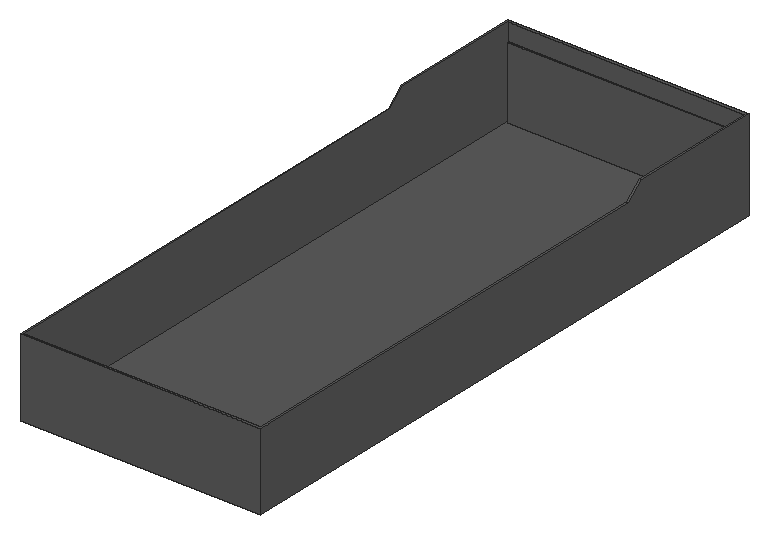
Revit family "BR-AA", category Устройства связи, Revit 2016
Family settings
  Сохранять ориентацию аннотаций = Нет
  Тип детали = Нормальный
  Размер круглого соединителя = Использовать диаметр
  На основе рабочей плоскости = Да
  Всегда вертикально = Нет
  При загрузке вырезать с полостями = Нет
  Общий = Да
  Точка расчета площади = Нет
Parameters (values of type "BR-AA")
  Цвет = "Черный"  # constant formula
  Размер = "140х355х53 мм"  # constant formula
  Default Elevation = 0 mm
  Описание = "BR-AA STAINLESS - кронштейн из нержавеющей стали для накладного монтажа с козырьком для многоквартирных панелей серии AА-03, АА-05 и АА-07"  # constant formula
  Материал корпуса = SHV_Краска Черная
  Изображение типоразмера = <Нет>
  Изготовитель = "BAS-IP"  # constant formula
  Группа модели = "Кронштейн"  # constant formula
  URL = "https://www.bas-ip.ru"
  Email = "support@bimlib.ru"  # constant formula
  BIM library = "https://bimlib.ru/manufacturer/"  # constant formula
  ADSK_Размер_Ширина = 355 mm  # constant formula
  ADSK_Размер_Толщина = 53 mm  # constant formula
  ADSK_Размер_Длина = 140 mm  # constant formula
  ADSK_Примечание = ""
  ADSK_Позиция = ""
  ADSK_Обозначение = ""
  ADSK_Наименование краткое = ADSK_Марка  # "BR-AA"
  ADSK_Наименование = "КРОНШТЕЙН BR-AA"
  ADSK_Масса_Текст = ""
  ADSK_Марка = "BR-AA"
  ADSK_Код изделия = ""
  ADSK_Зона = ""
  ADSK_Завод-изготовитель = Изготовитель  # "BAS-IP"
  ADSK_Единица измерения = "шт"  # constant formula
  ADSK_Версия Revit = "Revit 2016"  # constant formula
  ADSK_URL страницы изделия = "https://www.bas-ip.ru/catalog/accessories/bas-ip-br-aa-stainless/"
  ADSK_URL документации изделия = ""
Reference planes
  plane 1 "По центру (Вперед/Назад)": y = 0
  plane 2: z = 0
  plane 3 "По центру (Влево/Вправо)": x = 0
  plane 4: x = -70
  plane 5: y = 177.5
  plane 6: x = 70
  plane 7: y = -177.5
  plane 8: z = 1
  plane 9 "Плоскость для коннекторов": z = 0
  plane 10: y = 176.5
  plane 11: y = -176.5
  plane 12: y = 176
  plane 13: y = 175
  plane 14: y = -176
  plane 15: y = -175
  plane 16: z = 53
  plane 17: x = -68
  plane 18: x = 68
  plane 19: z = 43
  plane 20: z = 45
  plane 21: x = -69
  plane 22: x = 69
Forms (mm)
  Extrusion 1, solid, material "SHV_Краска Черная" <- "Материал корпуса", detail levels medium+fine
    sketch origin (0, 0, 0) x (1, 0, 0) y (0, 1, 0)
      loop
        line (-70, 177.5) -> (-70, -177.5) -> (70, -177.5) -> (70, 177.5) -> (-70, 177.5)
    from 0 to 1
  Extrusion 2, solid, material "SHV_Краска Черная" <- "Материал корпуса", detail levels medium+fine
    sketch origin (0, 0, 0) x (1, 0, 0) y (0, 1, 0)
      loop
        line (-70, 177.5) -> (-70, 176.5) -> (70, 176.5) -> (70, 177.5) -> (-70, 177.5)
    from 0 to 53
  Extrusion 3, solid, material "SHV_Краска Черная" <- "Материал корпуса", detail levels medium+fine
    sketch origin (0, 0, 0) x (1, 0, 0) y (0, 1, 0)
      loop
        line (-68, 176) -> (-68, 175) -> (68, 175) -> (68, 176) -> (-68, 176)
    from 0 to 43
  Extrusion 4, solid, material "SHV_Краска Черная" <- "Материал корпуса", detail levels medium+fine
    sketch origin (0, 0, 0) x (1, 0, 0) y (0, 1, 0)
      loop
        line (-68, -175) -> (-68, -176) -> (68, -176) -> (68, -175) -> (-68, -175)
    from 0 to 43
  Extrusion 5, solid, material "SHV_Краска Черная" <- "Материал корпуса", detail levels medium+fine
    sketch origin (0, 0, 0) x (1, 0, 0) y (0, 1, 0)
      loop
        line (-70, -176.5) -> (-70, -177.5) -> (70, -177.5) -> (70, -176.5) -> (-70, -176.5)
    from 0 to 45
  Extrusion 6, solid, material "SHV_Краска Черная" <- "Материал корпуса", detail levels medium+fine
    sketch origin (-70, 73.101, 1200) x (0, 1, 0) y (0, 0, 1)
      loop
        line (104.399, -1200) -> (104.399, -1147) -> (26.899, -1147) -> (17.365, -1155) -> (-250.601, -1155) -> (-250.601, -1200) -> (104.399, -1200)
    from 0 to 1
  Extrusion 7, solid, material "SHV_Краска Черная" <- "Материал корпуса", detail levels medium+fine
    sketch origin (69, 173.776, 1200) x (0, 1, 0) y (0, 0, 1)
      loop
        line (3.724, -1147) -> (-73.776, -1147) -> (-83.31, -1155) -> (-351.276, -1155) -> (-351.276, -1200) -> (3.724, -1200) -> (3.724, -1147)
    from 0 to 1
Cuts and joins
  joined: Extrusion 1, Extrusion 2, Extrusion 3, Extrusion 4, Extrusion 5, Extrusion 6, Extrusion 7
Lines and regions (mm)
  model lines, detail levels coarse
    curve 1: line (-70, 177.5, 0) -> (70, 177.5, 0)
    curve 2: line (-70, -177.5, 0) -> (-70, 177.5, 0)
    curve 3: line (70, -177.5, 0) -> (-70, -177.5, 0)
    curve 4: line (70, 177.5, 0) -> (70, -177.5, 0)
Dimensions and locks
  equal spacing: plane 4, plane 3 "По центру (Влево/Вправо)", plane 6
  "ADSK_Размер_Длина": plane 4 to plane 6
  "ADSK_Размер_Ширина": plane 5 to plane 7
  equal spacing: plane 5, plane 1 "По центру (Вперед/Назад)", plane 7
  locked: plane 8 to plane 2 at 1
  locked: plane 5 to plane 10 at 1
  locked: plane 11 to plane 7 at 1
  locked: plane 12 to plane 13 at 1
  locked: plane 15 to plane 14 at 1
  equal spacing: plane 13, plane 1 "По центру (Вперед/Назад)", plane 15
  plane 13 to plane 15 = 350 mm
  "ADSK_Размер_Толщина": plane 16 to plane 9 "Плоскость для коннекторов"
  equal spacing: plane 17, plane 3 "По центру (Влево/Вправо)", plane 18
  plane 17 to plane 18 = 136 mm
  plane 19 to plane 9 "Плоскость для коннекторов" = 43 mm
  plane 20 to plane 9 "Плоскость для коннекторов" = 45 mm
  Extrusion 6 sketch curve to plane 1 "По центру (Вперед/Назад)" = 100 mm
  locked: plane 22 to plane 6 at 1
  locked: plane 4 to plane 21 at 1
  angle plane 1 "По центру (Вперед/Назад)" to Extrusion 6 sketch curve = 50.00°
  aligned and locked: level to plane 2
  aligned and locked: Extrusion 1 sketch curve to plane 4
  aligned and locked: Extrusion 1 sketch curve to plane 5
  aligned and locked: Extrusion 1 sketch curve to plane 6
  aligned and locked: Extrusion 1 sketch curve to plane 7
  aligned and locked: curve 1 to Extrusion 1
  aligned and locked: curve 2 to Extrusion 1
  aligned and locked: curve 3 to Extrusion 1
  aligned and locked: curve 4 to Extrusion 1
  aligned and locked: plane 8 to Extrusion 1
  aligned and locked: Extrusion 1 to plane 9 "Плоскость для коннекторов"
  aligned and locked: Extrusion 2 sketch curve to plane 5
  aligned and locked: Extrusion 2 sketch curve to plane 10
  aligned and locked: Extrusion 2 sketch curve to plane 4
  aligned and locked: Extrusion 2 sketch curve to plane 6
  aligned and locked: Extrusion 2 to plane 16
  aligned and locked: Extrusion 2 to level
  aligned and locked: Extrusion 3 sketch curve to plane 17
  aligned and locked: Extrusion 3 sketch curve to plane 12
  aligned and locked: Extrusion 3 sketch curve to plane 13
  aligned and locked: Extrusion 3 sketch curve to plane 18
  aligned and locked: plane 19 to Extrusion 3
  aligned and locked: Extrusion 3 to level
  aligned and locked: Extrusion 4 sketch curve to plane 15
  aligned and locked: Extrusion 4 sketch curve to plane 14
  aligned and locked: plane 17 to Extrusion 4 sketch curve
  aligned and locked: plane 18 to Extrusion 4 sketch curve
  aligned and locked: Extrusion 4 to Extrusion 3
  aligned and locked: Extrusion 4 to level
  aligned and locked: Extrusion 5 sketch curve to plane 11
  aligned and locked: Extrusion 5 sketch curve to plane 7
  aligned and locked: plane 6 to Extrusion 5 sketch curve
  aligned and locked: plane 4 to Extrusion 5 sketch curve
  aligned and locked: plane 20 to Extrusion 5
  aligned and locked: Extrusion 5 to level
  aligned and locked: plane 5 to Extrusion 6 sketch curve
  aligned and locked: plane 7 to Extrusion 6 sketch curve
  aligned and locked: plane 9 "Плоскость для коннекторов" to Extrusion 6 sketch curve
  aligned and locked: plane 16 to Extrusion 6 sketch curve
  aligned and locked: plane 20 to Extrusion 6 sketch curve
  aligned and locked: Extrusion 6 to plane 4
  aligned and locked: Extrusion 6 to plane 21
  aligned and locked: Extrusion 6 to Extrusion 1
  aligned and locked: Extrusion 7 sketch curve to plane 5
  aligned and locked: Extrusion 7 sketch curve to plane 16
  aligned and locked: Extrusion 7 sketch curve to plane 20
  aligned and locked: Extrusion 7 sketch curve to plane 7
  aligned and locked: Extrusion 7 sketch curve to plane 9 "Плоскость для коннекторов"
  aligned and locked: Extrusion 7 to plane 22
  aligned and locked: Extrusion 7 to plane 6
Automatic sketch dimensions
  Extrusion 7 sketch curve to plane 13 = 84.534 mm
  Extrusion 7 sketch curve to Extrusion 7 sketch curve = 9.534 mm
